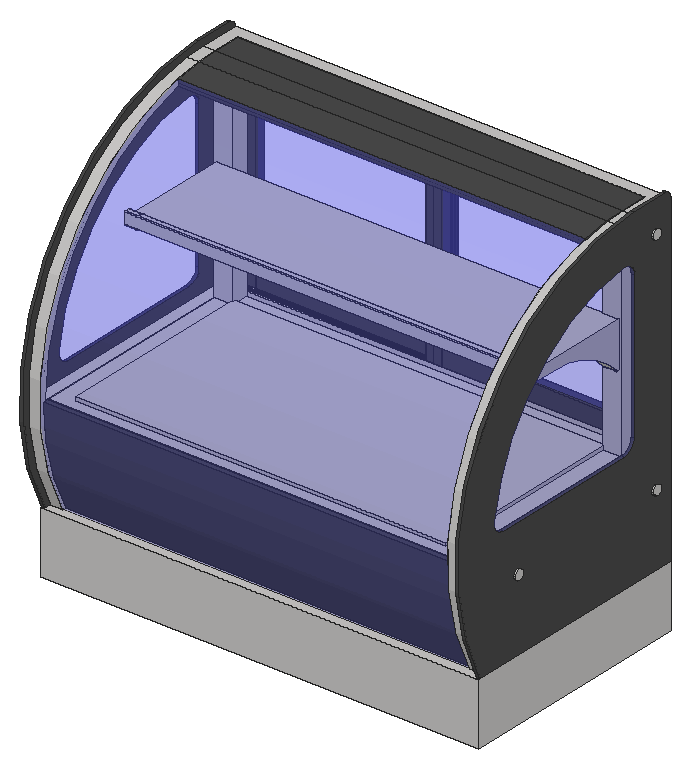
Revit family "Qf_Vollrath_HDC9236_Heated_Display_Case_Curved_Countertop-36 inches_cat", category Specialty Equipment, Revit 2019
Family settings
  Round Connector Dimension = Use Diameter
  Part Type = Normal
  Work Plane-Based = No
  Always vertical = Yes
  Cut with Voids When Loaded = No
  Shared = No
  Room Calculation Point = No
Parameters
  Weight in Pounds = 283.5
  Watts = Volts * FL Amps  # 696 W
  Volts = 120 V
  URL Cutsheet = ""
  Specification by User = ""
  Specification by Manufacturer = ""
  Serial Number = ""
  Seismic Rating = ""
  SMACNA No = ""
  Revision Code = ""
  Phase = 0
  Number of Poles = 1
  NAFEM Spec ID Number = ""
  Model = "HDC9236"
  Min Ckt Ampacity = 0 A
  Max Overcurrent Protection = 0 A
  Masterspec = ""
  Manufacturer = "Vollrath"
  Length = 35.9"
  Item Number = ""
  Installed By = ""
  Identify Quantity as Lot = yes
  Height = 32.0"
  HP = ""
  Furnished By = ""
  Foodservice Equipment Identifier = yes
  FL Amps = 5.8 A
  Electrical Remarks = ""
  Electric Connection Type = ""
  Elec Conn RI Height = 0.0"
  Elec Conn Connection Height = 0.0"
  Description = "Heated Display Case Curved Countertop-36\""
  Depth = 21.5"
  Cycle = 50 Hz
  Conn Plug = "NEMA 5-15P"
  Conn Conduit = yes
  CSI MasterFormat = ""
  Apparent Power = 0 VA
Reference planes (in)
  plane 1 "BACK": y = 0
  plane 2: z = 0
  plane 3 "LEFT": x = 0
  plane 4 "RIGHT": x = 35.9
  plane 5 "FRONT": y = -21.5
  plane 6 "TOP": z = 32
  plane 7 "Center Y": x = 17.95
  plane 8 "Center X": y = -10.75
  plane 9: x = 0.2
  plane 10: x = 0.45
  plane 11: x = 1.45
  plane 12: x = 35.7
  plane 13: x = 35.45
  plane 14: x = 34.45
  plane 15: z = 5
  plane 16: z = 22.08957
  plane 17: z = 30.55413
  plane 18: z = 13.66535
  plane 19: z = 15.3376
  plane 20: x = 2.2
  plane 21: y = -19.4
  plane 22: y = -17.14961
  plane 23: y = -3.20977
  plane 24: z = 29.82972
  plane 25: z = 28.6565
  plane 26: y = -7
Forms (in)
  Extrusion 1, solid, material "QF_Plastic_Black_Smooth"
    sketch origin (0.2, -21.42126, 48) x (0, -1, 0) y (0, 0, 1)
      loop
        line (-21.42126, -43) -> (-2.12853, -43)
        arc (-2.12853, -43) -> (-2.38846, -25.11346) -> (-17.78134, -16) r 18.29374
        line (-17.78134, -16) -> (-20.92126, -16)
        arc (-20.92126, -16) -> (-21.27481, -16.14645) -> (-21.42126, -16.5) r 0.5
        line (-21.42126, -16.5) -> (-21.42126, -43)
      loop
        arc (-17.79626, -32.38281) -> (-17.50337, -33.08992) -> (-16.79626, -33.38281) r 1
        line (-16.79626, -33.38281) -> (-4.56841, -33.38281)
        arc (-4.56841, -33.38281) -> (-3.81404, -33.03926) -> (-3.578, -32.24465) r 1
        arc (-3.578, -32.24465) -> (-7.95104, -23.64903) -> (-16.69233, -19.57498) r 14.79374
        arc (-16.69233, -19.57498) -> (-17.46561, -19.82662) -> (-17.79626, -20.56956) r 1
        line (-17.79626, -20.56956) -> (-17.79626, -32.38281)
    from 0 to -0.25
  Extrusion 2, solid, material "QF_Metal_Stainless_Polished"
    sketch origin (0.2, -21.42126, 48) x (0, -1, 0) y (0, 0, 1)
      loop
        circle (-19.8516, -37.03027) r 0.375
      loop
        circle (-5.88554, -37.03027) r 0.375
      loop
        circle (-19.8516, -18.47074) r 0.375
    from 0 to 0.2
  Extrusion 3, solid, material "QF_Metal_Stainless_Polished"
    sketch origin (0.45, -21.42126, 48.39448) x (0, -1, 0) y (0, 0, 1)
      loop
        line (-21.42126, -39.76948) -> (-20.42126, -39.76948) -> (-20.42126, -43.39448) -> (-2.71443, -43.39448)
        arc (-2.71443, -43.39448) -> (-2.46109, -26.43911) -> (-16.52881, -16.97084) r 17.79374
        arc (-16.52881, -16.97084) -> (-17.32478, -16.91358) -> (-18.12259, -16.89448) r 16.6716
        line (-18.12259, -16.89448) -> (-21.42126, -16.89448) -> (-21.42126, -39.76948)
      loop
        line (-20.92126, -34.72913) -> (-0.93618, -34.72913)
        arc (-0.93618, -34.72913) -> (-5.83712, -22.62102) -> (-17.80828, -17.39448) r 17.29374
        line (-17.80828, -17.39448) -> (-20.92126, -17.39448) -> (-20.92126, -34.72913)
    from 0 to -1
  Extrusion 4, solid, material "QF_Metal_Stainless_Polished"
    sketch origin (1.45, -21.42126, 48.39448) x (0, -1, 0) y (0, 0, 1)
      loop
        line (-20.01969, -34.46605) -> (-19.99213, -34.50992) -> (-19.99213, -34.6435) -> (-20.83465, -34.6435) -> (-20.83465, -34.50992) -> (-20.80709, -34.46605) -> (-20.80709, -34.35609)
        arc (-20.80709, -34.35609) -> (-20.81285, -34.34217) -> (-20.82677, -34.33641) r 0.01969
        line (-20.82677, -34.33641) -> (-20.90551, -34.33641)
        arc (-20.90551, -34.33641) -> (-20.91943, -34.34217) -> (-20.9252, -34.35609) r 0.01969
        line (-20.9252, -34.35609) -> (-20.9252, -34.46605) -> (-20.89764, -34.50992) -> (-20.89764, -34.6435) -> (-21.31102, -34.6435) -> (-21.31102, -34.36003) -> (-21.35827, -34.36003) -> (-21.35827, -34.72913) -> (-19.4685, -34.72913) -> (-19.4685, -34.36003) -> (-19.51575, -34.36003) -> (-19.51575, -34.6435) -> (-19.92913, -34.6435) -> (-19.92913, -34.50992) -> (-19.90157, -34.46605) -> (-19.90157, -34.35609)
        arc (-19.90157, -34.35609) -> (-19.90734, -34.34217) -> (-19.92126, -34.33641) r 0.01969
        line (-19.92126, -34.33641) -> (-20, -34.33641)
        arc (-20, -34.33641) -> (-20.01392, -34.34217) -> (-20.01969, -34.35609) r 0.01969
        line (-20.01969, -34.35609) -> (-20.01969, -34.46605)
    from 0 to -33
  Extrusion 5, solid, material "QF_Metal_Stainless_Polished"
    sketch origin (2.2, -3.37008, 49.48438) x (0, -1, 0) y (0, 0, 1)
      loop
        arc (8.55463, -26.77657) -> (8.65652, -26.76316) -> (8.75148, -26.72383) r 0.3937
        line (8.75148, -26.72383) -> (9.31447, -26.39879)
        arc (9.31447, -26.39879) -> (9.33464, -26.37861) -> (9.34203, -26.35105) r 0.05512
        line (9.34203, -26.35105) -> (9.34203, -25.45374)
        arc (9.34203, -25.45374) -> (9.32588, -25.41477) -> (9.28691, -25.39862) r 0.05512
        line (9.28691, -25.39862) -> (8.9247, -25.39862)
        arc (8.9247, -25.39862) -> (8.88573, -25.41477) -> (8.86959, -25.45374) r 0.05512
        line (8.86959, -25.45374) -> (8.86959, -25.91043)
        arc (8.86959, -25.91043) -> (8.85581, -25.92421) -> (8.84203, -25.91043) r 0.01378
        line (8.84203, -25.91043) -> (0, -25.91043) -> (0, -29.52049)
        arc (0, -29.52049) -> (0.07688, -29.63117) -> (0.20744, -29.59776) r 0.11811
        arc (0.20744, -29.59776) -> (2.98552, -27.51532) -> (6.37795, -26.77657) r 8.15869
        line (6.37795, -26.77657) -> (8.55463, -26.77657)
    from -0.5 to 0.5
  Extrusion 6, solid, material "QF_Plastic_Black_Smooth"
    sketch origin (34.07697, 0, 15.3376) x (0, 1, 0) y (1, 0, 0)
      loop
        line (-0.38189, -15.47047) -> (-0.38189, -15.3878)
        arc (-0.38189, -15.3878) -> (-0.40296, -15.36682) -> (-0.42944, -15.38034) r 0.02532
        arc (-0.42944, -15.38034) -> (-0.55527, -15.45742) -> (-0.6811, -15.38034) r 0.14124
        arc (-0.6811, -15.38034) -> (-0.70758, -15.36682) -> (-0.72866, -15.3878) r 0.02532
        line (-0.72866, -15.3878) -> (-0.72866, -15.47441) -> (-0.79917, -15.47441) -> (-0.82677, -15.55025) -> (-0.82677, -16.24213) -> (-0.96063, -16.19341) -> (-0.96063, -16.84843) -> (-0.14961, -16.84843) -> (-0.14961, -16.24213) -> (-0.34646, -16.24213) -> (-0.34646, -15.65945) -> (-0.16929, -15.65945)
        arc (-0.16929, -15.65945) -> (-0.15537, -15.65368) -> (-0.14961, -15.63976) r 0.01969
        line (-0.14961, -15.63976) -> (-0.14961, -15.49016)
        arc (-0.14961, -15.49016) -> (-0.15537, -15.47624) -> (-0.16929, -15.47047) r 0.01969
        line (-0.16929, -15.47047) -> (-0.38189, -15.47047)
    from 1.58661 to -14.49213
  Extrusion 7, solid, material "QF_Plastic_Black_Smooth"
    sketch origin (34.15041, 0, 15.3376) x (0, 1, 0) y (1, 0, 0)
      loop
        line (-0.38189, -32.59646) -> (-0.16929, -32.59646)
        arc (-0.16929, -32.59646) -> (-0.15537, -32.59069) -> (-0.14961, -32.57677) r 0.01969
        line (-0.14961, -32.57677) -> (-0.14961, -32.42717)
        arc (-0.14961, -32.42717) -> (-0.15537, -32.41325) -> (-0.16929, -32.40748) r 0.01969
        line (-0.16929, -32.40748) -> (-0.34646, -32.40748) -> (-0.34646, -31.8248) -> (-0.14961, -31.8248) -> (-0.14961, -31.2185) -> (-0.96063, -31.2185) -> (-0.96063, -31.87352) -> (-0.82677, -31.8248) -> (-0.82677, -32.51668) -> (-0.79917, -32.59252) -> (-0.72866, -32.59252) -> (-0.72866, -32.67913)
        arc (-0.72866, -32.67913) -> (-0.70758, -32.70011) -> (-0.6811, -32.68659) r 0.02532
        arc (-0.6811, -32.68659) -> (-0.55527, -32.60951) -> (-0.42944, -32.68659) r 0.14124
        arc (-0.42944, -32.68659) -> (-0.40296, -32.70011) -> (-0.38189, -32.67913) r 0.02532
        line (-0.38189, -32.67913) -> (-0.38189, -32.59646)
    from 1.58661 to -14.49213
  Extrusion 8, solid, material "QF_Plastic_Black_Smooth"
    sketch origin (49.81652, -0.90551, 15.3376) x (0, 1, 0) y (1, 0, 0)
      loop
        line (-0.38189, -15.47047) -> (-0.38189, -15.3878)
        arc (-0.38189, -15.3878) -> (-0.40296, -15.36682) -> (-0.42944, -15.38034) r 0.02532
        arc (-0.42944, -15.38034) -> (-0.55527, -15.45742) -> (-0.6811, -15.38034) r 0.14124
        arc (-0.6811, -15.38034) -> (-0.70758, -15.36682) -> (-0.72866, -15.3878) r 0.02532
        line (-0.72866, -15.3878) -> (-0.72866, -15.47441) -> (-0.79917, -15.47441) -> (-0.82677, -15.55025) -> (-0.82677, -16.24213) -> (-0.96063, -16.19341) -> (-0.96063, -16.84843) -> (-0.14961, -16.84843) -> (-0.14961, -16.24213) -> (-0.34646, -16.24213) -> (-0.34646, -15.65945) -> (-0.16929, -15.65945)
        arc (-0.16929, -15.65945) -> (-0.15537, -15.65368) -> (-0.14961, -15.63976) r 0.01969
        line (-0.14961, -15.63976) -> (-0.14961, -15.49016)
        arc (-0.14961, -15.49016) -> (-0.15537, -15.47624) -> (-0.16929, -15.47047) r 0.01969
        line (-0.16929, -15.47047) -> (-0.38189, -15.47047)
    from 1.58661 to -14.49213
  Extrusion 9, solid, material "QF_Plastic_Black_Smooth"
    sketch origin (49.88996, -0.90551, 15.3376) x (0, 1, 0) y (1, 0, 0)
      loop
        line (-0.38189, -32.59646) -> (-0.16929, -32.59646)
        arc (-0.16929, -32.59646) -> (-0.15537, -32.59069) -> (-0.14961, -32.57677) r 0.01969
        line (-0.14961, -32.57677) -> (-0.14961, -32.42717)
        arc (-0.14961, -32.42717) -> (-0.15537, -32.41325) -> (-0.16929, -32.40748) r 0.01969
        line (-0.16929, -32.40748) -> (-0.34646, -32.40748) -> (-0.34646, -31.8248) -> (-0.14961, -31.8248) -> (-0.14961, -31.2185) -> (-0.96063, -31.2185) -> (-0.96063, -31.87352) -> (-0.82677, -31.8248) -> (-0.82677, -32.51668) -> (-0.79917, -32.59252) -> (-0.72866, -32.59252) -> (-0.72866, -32.67913)
        arc (-0.72866, -32.67913) -> (-0.70758, -32.70011) -> (-0.6811, -32.68659) r 0.02532
        arc (-0.6811, -32.68659) -> (-0.55527, -32.60951) -> (-0.42944, -32.68659) r 0.14124
        arc (-0.42944, -32.68659) -> (-0.40296, -32.70011) -> (-0.38189, -32.67913) r 0.02532
        line (-0.38189, -32.67913) -> (-0.38189, -32.59646)
    from 1.58661 to -14.49213
  Extrusion 10, solid, material "QF_Plastic_Black_Smooth"
    sketch origin (32.9799, -1.05512, 15.3376) x (1, 0, 0) y (0, 0, -1)
      loop
        line (-0.01181, -0.08661) -> (-0.01181, 1.58661) -> (-14.30845, 1.58661) -> (-14.30845, -0.08661) -> (-0.01181, -0.08661)
      loop
        line (-0.01181, -13.3189) -> (-14.30845, -13.3189) -> (-14.30845, -14.49213) -> (-0.01181, -14.49213) -> (-0.01181, -13.3189)
    from 0 to -0.81102
  Extrusion 11, solid, material "QF_Plastic_Black_Smooth"
    sketch origin (17.24035, -0.14961, 15.3376) x (1, 0, 0) y (0, 0, -1)
      loop
        line (-0.01181, -0.08661) -> (-0.01181, 1.58661) -> (-14.30845, 1.58661) -> (-14.30845, -0.08661) -> (-0.01181, -0.08661)
      loop
        line (-0.01181, -13.3189) -> (-14.30845, -13.3189) -> (-14.30845, -14.49213) -> (-0.01181, -14.49213) -> (-0.01181, -13.3189)
    from 0 to -0.81102
  Extrusion 12, solid, material "Glass"
    sketch origin (32.96809, -1.05512, 15.42421) x (-1, 0, 0) y (0, -1, 0)
      loop
        line (0, 0.13) -> (14.29664, 0.13) -> (14.29664, 0.69102) -> (0, 0.69102) -> (0, 0.13)
      loop
        line (15.73955, -0.77551) -> (30.03618, -0.77551) -> (30.03618, -0.22449) -> (15.73955, -0.22449) -> (15.73955, -0.77551)
    from 0 to 13.23228
  Extrusion 13, solid, material "QF_Metal_Stainless_Polished"
    sketch origin (0, 0, -5) x (1, 0, 0) y (0, 0, 1)
      loop
        line (34.45, 36.5) -> (1.45, 36.5) -> (1.45, 35.35728) -> (34.45, 35.35728) -> (34.45, 36.5)
    from 0 to 1
  Extrusion 14, solid, material "QF_Metal_Stainless_Polished"
    sketch origin (-51.07972, -0.125, 0) x (1, 0, 0) y (0, 0, 1)
      loop
        line (85.00216, 13.66535) -> (85.52972, 13.66535) -> (85.52972, 30.35728) -> (52.52972, 30.35728) -> (52.52972, 13.66535) -> (53.05728, 13.66535) -> (53.05728, 29.82972) -> (85.00216, 29.82972) -> (85.00216, 13.66535)
    from 0 to 0.125
  Extrusion 15, solid, material "QF_Metal_Stainless_Polished"
    sketch origin (33.31121, 0, 13.66535) x (0, 1, 0) y (1, 0, 0)
      loop
        line (-1.95276, -31.86121) -> (-1.95276, -30.36121) -> (-3.37008, -30.36121) -> (-3.37008, -31.86121) -> (-1.95276, -31.86121)
      loop
        line (-1.95276, 1.13879) -> (-3.37008, 1.13879) -> (-3.37008, -0.36121) -> (-1.95276, -0.36121) -> (-1.95276, 1.13879)
    from 0 to -17.33465
  Extrusion 16, solid, material "QF_Metal_Stainless_Polished"
    sketch origin (33.7, -3.37008, 49.48438) x (0, -1, 0) y (0, 0, -1)
      loop
        line (8.55463, 26.77657) -> (6.37795, 26.77657)
        arc (6.37795, 26.77657) -> (2.98552, 27.51532) -> (0.20744, 29.59776) r 8.15869
        arc (0.20744, 29.59776) -> (0.07688, 29.63117) -> (0, 29.52049) r 0.11811
        line (0, 29.52049) -> (0, 25.91043) -> (8.84203, 25.91043)
        arc (8.84203, 25.91043) -> (8.85581, 25.92421) -> (8.86959, 25.91043) r 0.01378
        line (8.86959, 25.91043) -> (8.86959, 25.45374)
        arc (8.86959, 25.45374) -> (8.88573, 25.41477) -> (8.9247, 25.39862) r 0.05512
        line (8.9247, 25.39862) -> (9.28691, 25.39862)
        arc (9.28691, 25.39862) -> (9.32588, 25.41477) -> (9.34203, 25.45374) r 0.05512
        line (9.34203, 25.45374) -> (9.34203, 26.35105)
        arc (9.34203, 26.35105) -> (9.33464, 26.37861) -> (9.31447, 26.39879) r 0.05512
        line (9.31447, 26.39879) -> (8.75148, 26.72383)
        arc (8.75148, 26.72383) -> (8.65652, 26.76316) -> (8.55463, 26.77657) r 0.3937
    from -0.5 to 0.5
  Extrusion 17, solid, material "QF_Metal_Stainless_Polished"
    sketch origin (2.7, -3.37008, 49.48438) x (0, 1, 0) y (0, 0, 1)
      loop
        line (0, -25.91043) -> (-8.84203, -25.91043)
        arc (-8.84203, -25.91043) -> (-8.85581, -25.92421) -> (-8.86959, -25.91043) r 0.01378
        line (-8.86959, -25.91043) -> (-8.86959, -25.45374)
        arc (-8.86959, -25.45374) -> (-8.88573, -25.41477) -> (-8.9247, -25.39862) r 0.05512
        line (-8.9247, -25.39862) -> (-9.28691, -25.39862)
        arc (-9.28691, -25.39862) -> (-9.32588, -25.41477) -> (-9.34203, -25.45374) r 0.05512
        line (-9.34203, -25.45374) -> (-9.34203, -26.35105) -> (0, -26.35105) -> (0, -25.91043)
    from 0 to 30.5
  Extrusion 18, solid, material "QF_Metal_Stainless_Polished"
    sketch origin (-79.5026, 0, 0) x (1, 0, 0) y (0, 0, 1)
      loop
        line (80.9526, 13.66437) -> (80.9526, 8.625) -> (113.9526, 8.625) -> (113.9526, 13.66437) -> (80.9526, 13.66437)
    from 0 to 3
  Extrusion 19, solid, material "QF_Metal_Stainless_Polished"
    sketch origin (-79.5026, 0, 0) x (1, 0, 0) y (0, 0, 1)
      loop
        line (114.35516, 0) -> (114.35516, 0.70374) -> (80.55004, 0.70374) -> (80.55004, 0) -> (114.35516, 0)
    from 3 to 0.5
  Extrusion 20, solid, material "QF_Metal_Stainless_Polished"
    sketch origin (-79.5026, 0, 0) x (1, 0, 0) y (0, 0, 1)
      loop
        line (114.35516, 0.70374) -> (114.35516, 8.625) -> (113.13862, 8.625) -> (113.13862, 0.70374) -> (114.35516, 0.70374)
    from 3 to 0.5
  Extrusion 21, solid, material "QF_Metal_Stainless_Polished"
    sketch origin (-80.67976, 0, 0) x (1, 0, 0) y (0, 0, 1)
      loop
        line (114.31579, 0.70374) -> (114.31579, 8.625) -> (89.52248, 8.625) -> (89.52248, 0.70374) -> (114.31579, 0.70374)
    from 3 to 0.5
  Extrusion 22, solid, material "QF_Metal_Stainless_Polished"
    sketch origin (-105.47307, 0, 0) x (1, 0, 0) y (0, 0, 1)
      loop
        line (114.31579, 0.70374) -> (114.31579, 8.625) -> (113.41027, 8.625) -> (113.41027, 0.70374) -> (114.31579, 0.70374)
    from 3 to 0.5
  Extrusion 23, solid, material "QF_Metal_Stainless_Polished"
    sketch origin (-106.37858, 0, 0) x (1, 0, 0) y (0, 0, 1)
      loop
        line (114.31579, 0.70374) -> (114.31579, 8.625) -> (108.60712, 8.625) -> (108.60712, 0.70374) -> (114.31579, 0.70374)
    from 3 to 0.5
  Extrusion 24, solid, material "QF_Metal_Stainless_Polished"
    sketch origin (-112.08724, 0, 0) x (1, 0, 0) y (0, 0, 1)
      loop
        line (114.31579, 0.70374) -> (114.31579, 8.625) -> (113.13468, 8.625) -> (113.13468, 0.70374) -> (114.31579, 0.70374)
    from 3 to 0.5
  Extrusion 25, solid, material "QF_Metal_Stainless_Polished"
    sketch origin (-79.5026, 0, 0) x (-1, 0, 0) y (0, 0, 1)
      loop
        line (-81.14413, 11.28248) -> (-84.95201, 11.28248)
        arc (-84.95201, 11.28248) -> (-85.01854, 11.25492) -> (-85.0461, 11.18839) r 0.09409
        line (-85.0461, 11.18839) -> (-85.0461, 8.87657)
        arc (-85.0461, 8.87657) -> (-85.01854, 8.81004) -> (-84.95201, 8.78248) r 0.09409
        line (-84.95201, 8.78248) -> (-81.14413, 8.78248)
        arc (-81.14413, 8.78248) -> (-81.0776, 8.81004) -> (-81.05004, 8.87657) r 0.09409
        line (-81.05004, 8.87657) -> (-81.05004, 11.18839)
        arc (-81.05004, 11.18839) -> (-81.0776, 11.25492) -> (-81.14413, 11.28248) r 0.09409
    from 0 to 0.06
  Extrusion 26, solid, material "QF_Metal_Stainless_Polished"
    sketch origin (0, 0, 0) x (1, 0, 0) y (0, 1, 0)
      loop
        line (35.7, 0) -> (34.85256, 0) -> (34.85256, -3) -> (1.04744, -3) -> (1.04744, 0) -> (0.2, 0) -> (0.2, -19.4) -> (35.7, -19.4) -> (35.7, 0)
    from 0 to 5
  Extrusion 27, solid, material "QF_Metal_Stainless_Polished"
    sketch origin (0, 0, 0) x (1, 0, 0) y (0, 0, 1)
      loop
        line (0.45, 8.625) -> (0.45, 5) -> (1.04744, 5) -> (1.04744, 8.625) -> (0.45, 8.625)
      loop
        line (35.45, 8.625) -> (34.85256, 8.625) -> (34.85256, 5) -> (35.45, 5) -> (35.45, 8.625)
    from 0 to 1
  Extrusion 28, solid, material "QF_Plastic_Black_Smooth"
    sketch origin (7.23536, -0.5, 1.36639) x (0, -0.34076, 0.94015) y (1, 0, 0)
      loop
        line (4.80772, -0.13) -> (0.38, -0.13)
        arc (0.38, -0.13) -> (0.20322, -0.20322) -> (0.13, -0.38) r 0.25
        line (0.13, -0.38) -> (0.13, -3.92346)
        arc (0.13, -3.92346) -> (0.20322, -4.10023) -> (0.38, -4.17346) r 0.25
        line (0.38, -4.17346) -> (4.80772, -4.17346)
        arc (4.80772, -4.17346) -> (4.98449, -4.10023) -> (5.05772, -3.92346) r 0.25
        line (5.05772, -3.92346) -> (5.05772, -0.38)
        arc (5.05772, -0.38) -> (4.98449, -0.20322) -> (4.80772, -0.13) r 0.25
    from 0 to 0.06
  Extrusion 29, solid, material "QF_Plastic_White_Smooth"
    sketch origin (7.23536, -0.44359, 1.38683) x (0, -0.34076, 0.94015) y (1, 0, 0)
      loop
        circle (0.93442, -3.29352) r 0.5
    from 0 to 0.25
  Extrusion 30, solid, material "QF_Plastic_Black_Smooth"
    sketch origin (7.23536, -0.44359, 1.38683) x (0, -0.34076, 0.94015) y (1, 0, 0)
      loop
        arc (4.45141, -0.68195) -> (3.82641, -0.37591) -> (3.20141, -0.68195) r 0.79121
        line (3.20141, -0.68195) -> (3.20141, -3.6215)
        arc (3.20141, -3.6215) -> (3.82641, -3.92755) -> (4.45141, -3.6215) r 0.79121
        line (4.45141, -3.6215) -> (4.45141, -0.68195)
    from 0 to 0.06
  Extrusion 31, solid, material "QF_Plastic_Black_Smooth"
    sketch origin (-75.7526, 0, 0) x (-1, 0, 0) y (0, 0, 1)
      loop
        line (-77.49689, 13.52657) -> (-81.11894, 13.52657)
        arc (-81.11894, 13.52657) -> (-81.25813, 13.46892) -> (-81.31579, 13.32972) r 0.19685
        line (-81.31579, 13.32972) -> (-81.31579, 11.59744)
        arc (-81.31579, 11.59744) -> (-81.25813, 11.45825) -> (-81.11894, 11.40059) r 0.19685
        line (-81.11894, 11.40059) -> (-77.49689, 11.40059)
        arc (-77.49689, 11.40059) -> (-77.35769, 11.45825) -> (-77.30004, 11.59744) r 0.19685
        line (-77.30004, 11.59744) -> (-77.30004, 13.32972)
        arc (-77.30004, 13.32972) -> (-77.35769, 13.46892) -> (-77.49689, 13.52657) r 0.19685
      loop
        line (-81.41421, 8.97933) -> (-81.41421, 11.2628)
        arc (-81.41421, 11.2628) -> (-81.47187, 11.40199) -> (-81.61106, 11.45965) r 0.19685
        line (-81.61106, 11.45965) -> (-84.17012, 11.45965)
        arc (-84.17012, 11.45965) -> (-84.30931, 11.40199) -> (-84.36697, 11.2628) r 0.19685
        line (-84.36697, 11.2628) -> (-84.36697, 8.97933)
        arc (-84.36697, 8.97933) -> (-84.30931, 8.84014) -> (-84.17012, 8.78248) r 0.19685
        line (-84.17012, 8.78248) -> (-81.61106, 8.78248)
        arc (-81.61106, 8.78248) -> (-81.47187, 8.84014) -> (-81.41421, 8.97933) r 0.19685
    from 0 to 0.06
  Extrusion 32, solid, material "QF_Metal_Stainless_Polished"
    sketch origin (1.38012, 0, 13.66437) x (1, 0, 0) y (0, 1, 0)
      loop
        line (1.56988, -3.20977) -> (1.56988, -19.27781) -> (31.56988, -19.27781) -> (31.56988, -3.20977) -> (1.56988, -3.20977)
    from 0 to 0.25
  Extrusion 33, solid, material "Glass"
    sketch origin (1.45, -21.42126, 48.39448) x (0, 1, 0) y (0, 0, 1)
      loop
        line (2.71443, -43.39448) -> (3.00178, -43.39448)
        arc (3.00178, -43.39448) -> (2.18358, -27.59085) -> (14.42126, -17.55774) r 17.54374
        line (14.42126, -17.55774) -> (14.42126, -17.30172)
        arc (14.42126, -17.30172) -> (1.99525, -27.39923) -> (2.71443, -43.39448) r 17.79374
    from 0 to 33
  Extrusion 34, solid, material "Glass"
    sketch origin (0.2, -21.42126, 48) x (0, -1, 0) y (0, 0, 1)
      loop
        arc (-16.69233, -19.57498) -> (-17.46561, -19.82662) -> (-17.79626, -20.56956) r 1
        line (-17.79626, -20.56956) -> (-17.79626, -32.38281)
        arc (-17.79626, -32.38281) -> (-17.50337, -33.08992) -> (-16.79626, -33.38281) r 1
        line (-16.79626, -33.38281) -> (-4.56841, -33.38281)
        arc (-4.56841, -33.38281) -> (-3.81404, -33.03926) -> (-3.578, -32.24465) r 1
        arc (-3.578, -32.24465) -> (-7.95104, -23.64903) -> (-16.69233, -19.57498) r 14.79374
    from 0 to -0.25
  Extrusion 35, solid, material "QF_Plastic_Black_Smooth"
    sketch origin (1.45, -21.42126, 48.39448) x (0, -1, 0) y (0, 0, 1)
      loop
        line (-0.68618, -34.72913) -> (-1.18618, -34.72913)
        arc (-1.18618, -34.72913) -> (-1.80176, -39.22252) -> (-3.58061, -43.39448) r 17.04374
        line (-3.58061, -43.39448) -> (-3.00178, -43.39448)
        arc (-3.00178, -43.39448) -> (-1.28085, -39.21229) -> (-0.68618, -34.72913) r 17.54374
    from 0 to -33
  Extrusion 36, solid, material "QF_Metal_Stainless_Polished"
    sketch origin (1.45, -21.42126, 48.39448) x (0, -1, 0) y (0, 0, 1)
      loop
        line (-18.42126, -34.72913) -> (-18.42126, -43.39448) -> (-3.58061, -43.39448)
        arc (-3.58061, -43.39448) -> (-1.80176, -39.22252) -> (-1.18618, -34.72913) r 17.04374
        line (-1.18618, -34.72913) -> (-18.42126, -34.72913)
    from 0 to -33
  Extrusion 37, solid, material "QF_Plastic_Black_Smooth"
    sketch origin (1.45, -21.42126, 48.39448) x (0, 1, 0) y (0, 0, 1)
      loop
        line (20.42126, -16.89448) -> (18.12259, -16.89448)
        arc (18.12259, -16.89448) -> (17.32478, -16.91358) -> (16.52881, -16.97084) r 16.6716
        arc (16.52881, -16.97084) -> (15.47007, -17.10466) -> (14.42126, -17.30172) r 17.79374
        line (14.42126, -17.30172) -> (14.42126, -17.81394)
        arc (14.42126, -17.81394) -> (16.1044, -17.52045) -> (17.80828, -17.39448) r 17.29374
        line (17.80828, -17.39448) -> (20.42126, -17.39448) -> (20.42126, -16.89448)
    from 0 to 33
  Extrusion 38, solid, material "QF_Plastic_Black_Smooth"
    sketch origin (35.7, -21.42126, 48) x (0, -1, 0) y (0, 0, -1)
      loop
        line (-21.42126, 43) -> (-21.42126, 16.5)
        arc (-21.42126, 16.5) -> (-21.27481, 16.14645) -> (-20.92126, 16) r 0.5
        line (-20.92126, 16) -> (-17.78134, 16)
        arc (-17.78134, 16) -> (-2.38846, 25.11346) -> (-2.12853, 43) r 18.29374
        line (-2.12853, 43) -> (-21.42126, 43)
      loop
        line (-17.79626, 32.38281) -> (-17.79626, 20.56956)
        arc (-17.79626, 20.56956) -> (-17.46561, 19.82662) -> (-16.69233, 19.57498) r 1
        arc (-16.69233, 19.57498) -> (-7.95104, 23.64903) -> (-3.578, 32.24465) r 14.79374
        arc (-3.578, 32.24465) -> (-3.81404, 33.03926) -> (-4.56841, 33.38281) r 1
        line (-4.56841, 33.38281) -> (-16.79626, 33.38281)
        arc (-16.79626, 33.38281) -> (-17.50337, 33.08992) -> (-17.79626, 32.38281) r 1
    from 0 to -0.25
  Extrusion 39, solid, material "QF_Metal_Stainless_Polished"
    sketch origin (35.7, -21.42126, 48) x (0, -1, 0) y (0, 0, -1)
      loop
        circle (-19.8516, 37.03027) r 0.375
      loop
        circle (-5.88554, 37.03027) r 0.375
      loop
        circle (-19.8516, 18.47074) r 0.375
    from 0 to 0.2
  Extrusion 40, solid, material "Glass"
    sketch origin (35.7, -21.42126, 48) x (0, -1, 0) y (0, 0, -1)
      loop
        arc (-16.69233, 19.57498) -> (-7.95104, 23.64903) -> (-3.578, 32.24465) r 14.79374
        arc (-3.578, 32.24465) -> (-3.81404, 33.03926) -> (-4.56841, 33.38281) r 1
        line (-4.56841, 33.38281) -> (-16.79626, 33.38281)
        arc (-16.79626, 33.38281) -> (-17.50337, 33.08992) -> (-17.79626, 32.38281) r 1
        line (-17.79626, 32.38281) -> (-17.79626, 20.56956)
        arc (-17.79626, 20.56956) -> (-17.46561, 19.82662) -> (-16.69233, 19.57498) r 1
    from 0 to -0.25
  Extrusion 41, void
    sketch origin (7.23536, 0, 2.05972) x (0, 0, 1) y (0, -1, 0)
      loop
        line (-0.69333, 0.5) -> (-0.69333, -1.5) -> (5.95167, -1.5) -> (5.95167, 0.5) -> (4.1839, 2.26777) -> (-0.69333, 0.5)
    from 0 to -4.30346
  Extrusion 42, solid, material "QF_Metal_Stainless_Polished"
    sketch origin (35.45, -21.42126, 48.39448) x (0, -1, 0) y (0, 0, -1)
      loop
        line (-21.42126, 39.76948) -> (-21.42126, 16.89448) -> (-18.12259, 16.89448)
        arc (-18.12259, 16.89448) -> (-17.32478, 16.91358) -> (-16.52881, 16.97084) r 16.6716
        arc (-16.52881, 16.97084) -> (-2.46109, 26.43911) -> (-2.71443, 43.39448) r 17.79374
        line (-2.71443, 43.39448) -> (-20.42126, 43.39448) -> (-20.42126, 39.76948) -> (-21.42126, 39.76948)
      loop
        line (-20.92126, 34.72913) -> (-20.92126, 17.39448) -> (-17.80828, 17.39448)
        arc (-17.80828, 17.39448) -> (-5.83712, 22.62102) -> (-0.93618, 34.72913) r 17.29374
        line (-0.93618, 34.72913) -> (-20.92126, 34.72913)
    from 0 to -1
Cuts and joins
  joined: Extrusion 5, Extrusion 16, Extrusion 17
  Extrusion 41 cuts Extrusion 21
  Extrusion 41 cuts Extrusion 22
  Extrusion 41 cuts Extrusion 23
  joined: Extrusion 3, Extrusion 13, Extrusion 42
Lines and regions (in)
  symbolic lines
    curve 1: line (0.2, 0, 0) -> (0.2, -21.50006, 0)
    curve 2: line (35.7, 0, 0) -> (0.2, 0, 0)
    curve 3: line (0.45, -21.50006, 0) -> (0.45, 0, 0)
    curve 4: line (1.45, -20.98514, 0) -> (1.45, -1, 0)
    curve 5: line (1.45, -1, 0) -> (34.45, -1, 0)
    curve 6: line (0.2, -21.50006, 0) -> (0.45, -21.50006, 0)
    curve 7: line (35.45, -20.98514, 0) -> (0.45, -20.98514, 0)
    curve 8: line (1.45, -7, 0) -> (34.45, -7, 0)
    curve 9: line (34.45, -1, 0) -> (34.45, -20.98514, 0)
    curve 10: line (35.45, 0, 0) -> (35.45, -21.50006, 0)
    curve 11: line (35.7, 0, 0) -> (35.7, -21.50006, 0)
    curve 12: line (35.9, -1.19466, 0) -> (35.7, -1.19466, 0)
    curve 13: line (35.9, -1.19466, 0) -> (35.9, -1.94466, 0)
    curve 14: line (35.9, -1.94466, 0) -> (35.7, -1.94466, 0)
    curve 15: line (35.9, -15.16072, 0) -> (35.7, -15.16072, 0)
    curve 16: line (35.9, -15.16072, 0) -> (35.9, -15.91072, 0)
    curve 17: line (35.9, -15.91072, 0) -> (35.7, -15.91072, 0)
    curve 18: line (0, -15.16072, 0) -> (0, -15.91072, 0)
    curve 19: line (0, -15.91072, 0) -> (0.2, -15.91072, 0)
    curve 20: line (0, -15.16072, 0) -> (0.2, -15.16072, 0)
    curve 21: line (0, -1.19466, 0) -> (0, -1.94466, 0)
    curve 22: line (0, -1.94466, 0) -> (0.2, -1.94466, 0)
    curve 23: line (0, -1.19466, 0) -> (0.2, -1.19466, 0)
    curve 24: line (35.7, -21.50006, 0) -> (35.45, -21.50006, 0)
Dimensions and locks (in)
  equal spacing: plane 3 "LEFT", plane 7 "Center Y", plane 4 "RIGHT"
  "Length": plane 3 "LEFT" to plane 4 "RIGHT"
  equal spacing: plane 5 "FRONT", plane 8 "Center X", plane 1 "BACK"
  "Depth": plane 5 "FRONT" to plane 1 "BACK"
  "Height": plane 6 "TOP" to level
  plane 3 "LEFT" to plane 9 = 0.2"
  plane 9 to plane 10 = 0.25"
  plane 15 to plane 2 = 5.0"
  plane 6 "TOP" to plane 2 = 32.0"  (x2)
  plane 5 "FRONT" to plane 1 "BACK" = 21.5"
  plane 1 "BACK" to plane 5 "FRONT" = 21.5"
  plane 1 "BACK" to plane 21 = 19.4"
  plane 26 to plane 1 "BACK" = 7.0"
  aligned and locked: level to plane 2
Automatic sketch dimensions
  Extrusion 1 sketch curve to Extrusion 1 sketch curve = 0.01492"
  Extrusion 1 sketch curve to Extrusion 1 sketch curve = 0.0"  (x2)
  Extrusion 1 sketch curve to plane 1 "BACK" = 0.0"
  Extrusion 1 sketch curve to plane 6 "TOP" = 0.0"
  Extrusion 1 sketch curve to plane 15 = 0.0"
  plane 1 "BACK" to Extrusion 1 sketch curve = 0.5"
  Extrusion 1 sketch curve to plane 23 = 0.01838"
  plane 23 to Extrusion 1 sketch curve = 0.41523"
  plane 23 to Extrusion 1 sketch curve = 0.43015"
  Extrusion 1 sketch curve to plane 19 = 0.27959"  (x2)
  Extrusion 1 sketch curve to Extrusion 1 sketch curve = 1.0"  (x2)
  Extrusion 1 sketch curve to plane 22 = 0.29676"
  Extrusion 1 sketch curve to plane 21 = 0.10727"
  plane 25 to Extrusion 1 sketch curve = 1.22606"
  Extrusion 2 sketch curve to Extrusion 1 = 1.56966"  (x2)
  Extrusion 2 sketch curve to Extrusion 1 = 3.64745"  (x2)
  Extrusion 1 to Extrusion 2 sketch curve = 11.91072"
  Extrusion 2 sketch curve to Extrusion 1 = 2.47074"
  Extrusion 3 sketch curve to Extrusion 3 sketch curve = 0.0"  (x2)
  Extrusion 3 sketch curve to plane 1 "BACK" = 0.0"
  plane 18 to Extrusion 3 sketch curve = 0.0"
  Extrusion 3 sketch curve to plane 15 = 0.0"
  plane 1 "BACK" to Extrusion 3 sketch curve = 0.5"
  Extrusion 3 sketch curve to Extrusion 3 sketch curve = 1.0"
  Extrusion 3 sketch curve to plane 23 = 0.01838"
  plane 23 to Extrusion 3 sketch curve = 0.0889"
  plane 23 to Extrusion 3 sketch curve = 0.40321"
  Extrusion 3 sketch curve to plane 21 = 0.69317"
  Extrusion 3 sketch curve to plane 5 "FRONT" = 1.01492"
  plane 15 to Extrusion 3 sketch curve = 3.625"
  Extrusion 3 sketch curve to plane 18 = 0.04604"
  Extrusion 3 sketch curve to Extrusion 3 sketch curve = 1.117"
  Extrusion 3 sketch curve to plane 6 "TOP" = 0.5"
  plane 18 to Extrusion 4 sketch curve = 0.0"
  plane 1 "BACK" to Extrusion 4 sketch curve = 0.06299"
  Extrusion 4 sketch curve to Extrusion 4 sketch curve = 0.04724"  (x2)
  Extrusion 4 sketch curve to Extrusion 4 sketch curve = 0.38583"
  Extrusion 4 sketch curve to Extrusion 4 sketch curve = 0.01969"  (x2)
  Extrusion 4 sketch curve to Extrusion 4 sketch curve = 0.02756"  (x4)
  Extrusion 4 sketch curve to Extrusion 4 sketch curve = 0.06299"  (x2)
  Extrusion 4 sketch curve to Extrusion 4 sketch curve = 0.07874"  (x2)
  Extrusion 4 sketch curve to plane 18 = 0.26308"  (x2)
  Extrusion 4 sketch curve to plane 18 = 0.37303"
  Extrusion 4 sketch curve to Extrusion 4 sketch curve = 0.7874"
  Extrusion 4 sketch curve to plane 18 = 0.08563"  (x3)
  Extrusion 4 sketch curve to plane 18 = 0.21921"
  Extrusion 4 sketch curve to Extrusion 4 sketch curve = 0.41339"
  Extrusion 4 sketch curve to Extrusion 4 sketch curve = 0.0"  (x2)
  Extrusion 4 sketch curve to Extrusion 4 sketch curve = 0.04387"  (x3)
  Extrusion 4 sketch curve to Extrusion 4 sketch curve = 0.28346"  (x2)
  Extrusion 4 sketch curve to Extrusion 4 sketch curve = 0.10996"
  plane 23 to Extrusion 5 sketch curve = 0.1603"
  Extrusion 5 sketch curve to Extrusion 5 sketch curve = 0.11811"
  plane 8 "Center X" to Extrusion 5 sketch curve = 1.00197"
  Extrusion 5 sketch curve to plane 16 = 0.61823"
  Extrusion 5 sketch curve to plane 8 "Center X" = 1.1747"
  Extrusion 5 sketch curve to plane 16 = 0.67098"
  Extrusion 5 sketch curve to Extrusion 5 sketch curve = 0.19685"
  Extrusion 5 sketch curve to Extrusion 5 sketch curve = 0.2874"
  Extrusion 5 sketch curve to Extrusion 5 sketch curve = 0.01378"
  Extrusion 5 sketch curve to Extrusion 5 sketch curve = 0.05512"  (x2)
  Extrusion 5 sketch curve to Extrusion 5 sketch curve = 0.3622"
  Extrusion 5 sketch curve to Extrusion 5 sketch curve = 0.41732"
  Extrusion 5 sketch curve to Extrusion 5 sketch curve = 0.02756"
  plane 16 to Extrusion 5 sketch curve = 2.12568"
  plane 19 to Extrusion 5 sketch curve = 0.78849"
  Extrusion 5 sketch curve to Extrusion 5 sketch curve = 0.32504"
  Extrusion 5 sketch curve to plane 16 = 1.48438"
  Extrusion 5 sketch curve to Extrusion 5 sketch curve = 0.45669"
  Extrusion 6 sketch curve to plane 7 "Center Y" = 0.06644"
  plane 1 "BACK" to Extrusion 6 sketch curve = 0.96063"
  Extrusion 6 sketch curve to plane 7 "Center Y" = 0.11516"  (x2)
  Extrusion 6 sketch curve to Extrusion 6 sketch curve = 0.13386"
  Extrusion 6 sketch curve to Extrusion 6 sketch curve = 0.0276"
  Extrusion 6 sketch curve to Extrusion 6 sketch curve = 0.07051"
  Extrusion 6 sketch curve to Extrusion 6 sketch curve = 0.025"  (x2)
  Extrusion 6 sketch curve to Extrusion 6 sketch curve = 0.14839"  (x2)
  Extrusion 6 sketch curve to Extrusion 6 sketch curve = 0.03543"
  plane 1 "BACK" to Extrusion 6 sketch curve = 0.16929"
  Extrusion 6 sketch curve to Extrusion 6 sketch curve = 0.0"  (x2)
  plane 1 "BACK" to Extrusion 6 sketch curve = 0.14961"
  Extrusion 6 sketch curve to Extrusion 6 sketch curve = 0.01969"
  plane 7 "Center Y" to Extrusion 6 sketch curve = 0.46752"
  Extrusion 6 sketch curve to Extrusion 6 sketch curve = 0.1092"
  Extrusion 6 sketch curve to Extrusion 6 sketch curve = 0.14961"
  Extrusion 6 sketch curve to Extrusion 6 sketch curve = 0.07584"
  Extrusion 6 sketch curve to Extrusion 6 sketch curve = 0.07863"
  Extrusion 6 sketch curve to Extrusion 6 sketch curve = 0.08257"
  Extrusion 6 sketch curve to Extrusion 6 sketch curve = 0.00404"  (x2)
  Extrusion 6 sketch curve to Extrusion 6 sketch curve = 0.07566"
  Extrusion 6 sketch curve to Extrusion 6 sketch curve = 0.6063"
  Extrusion 7 sketch curve to plane 20 = 0.07689"
  plane 1 "BACK" to Extrusion 7 sketch curve = 0.96063"
  Extrusion 7 sketch curve to plane 20 = 0.12561"  (x2)
  Extrusion 7 sketch curve to Extrusion 7 sketch curve = 0.13386"
  Extrusion 7 sketch curve to Extrusion 7 sketch curve = 0.0276"
  Extrusion 7 sketch curve to Extrusion 7 sketch curve = 0.07051"
  Extrusion 7 sketch curve to Extrusion 7 sketch curve = 0.025"  (x2)
  plane 11 to Extrusion 7 sketch curve = 0.05034"
  Extrusion 7 sketch curve to Extrusion 7 sketch curve = 0.14839"  (x2)
  Extrusion 7 sketch curve to plane 11 = 0.02532"  (x2)
  Extrusion 7 sketch curve to Extrusion 7 sketch curve = 0.03543"
  plane 1 "BACK" to Extrusion 7 sketch curve = 0.16929"
  Extrusion 7 sketch curve to Extrusion 7 sketch curve = 0.0"  (x2)
  plane 1 "BACK" to Extrusion 7 sketch curve = 0.14961"
  Extrusion 7 sketch curve to Extrusion 7 sketch curve = 0.01969"
  Extrusion 7 sketch curve to Extrusion 7 sketch curve = 0.6063"
  Extrusion 7 sketch curve to Extrusion 7 sketch curve = 0.26761"
  Extrusion 7 sketch curve to plane 11 = 0.18373"
  Extrusion 7 sketch curve to plane 11 = 0.12364"
  Extrusion 7 sketch curve to plane 11 = 0.10789"
  Extrusion 7 sketch curve to plane 11 = 0.02128"  (x2)
  Extrusion 8 sketch curve to plane 23 = 1.34363"
  Extrusion 8 sketch curve to Extrusion 8 sketch curve = 0.13386"
  Extrusion 8 sketch curve to Extrusion 8 sketch curve = 0.0276"
  Extrusion 8 sketch curve to Extrusion 8 sketch curve = 0.07051"
  Extrusion 8 sketch curve to Extrusion 8 sketch curve = 0.025"  (x2)
  plane 14 to Extrusion 8 sketch curve = 0.05034"
  Extrusion 8 sketch curve to Extrusion 8 sketch curve = 0.14839"  (x2)
  Extrusion 8 sketch curve to plane 14 = 0.02532"  (x2)
  Extrusion 8 sketch curve to Extrusion 8 sketch curve = 0.03543"
  Extrusion 8 sketch curve to Extrusion 8 sketch curve = 0.2126"
  Extrusion 8 sketch curve to Extrusion 8 sketch curve = 0.0"  (x2)
  Extrusion 8 sketch curve to Extrusion 8 sketch curve = 0.19685"
  Extrusion 8 sketch curve to Extrusion 8 sketch curve = 0.01969"
  Extrusion 8 sketch curve to plane 14 = 0.02128"  (x2)
  Extrusion 8 sketch curve to plane 14 = 0.10395"
  Extrusion 8 sketch curve to plane 14 = 0.10789"
  Extrusion 8 sketch curve to Extrusion 8 sketch curve = 0.07584"
  Extrusion 8 sketch curve to Extrusion 8 sketch curve = 0.14961"
  Extrusion 8 sketch curve to Extrusion 8 sketch curve = 0.64316"
  Extrusion 8 sketch curve to Extrusion 8 sketch curve = 0.58268"
  Extrusion 8 sketch curve to Extrusion 8 sketch curve = 0.04872"
  Extrusion 8 sketch curve to Extrusion 8 sketch curve = 0.6063"
  plane 7 "Center Y" to Extrusion 9 sketch curve = 0.06644"
  Extrusion 9 sketch curve to plane 23 = 1.34363"
  plane 7 "Center Y" to Extrusion 9 sketch curve = 0.11516"  (x2)
  Extrusion 9 sketch curve to Extrusion 9 sketch curve = 0.13386"
  Extrusion 9 sketch curve to Extrusion 9 sketch curve = 0.0276"
  Extrusion 9 sketch curve to Extrusion 9 sketch curve = 0.07051"
  Extrusion 9 sketch curve to Extrusion 9 sketch curve = 0.025"  (x2)
  Extrusion 9 sketch curve to Extrusion 9 sketch curve = 0.14839"  (x2)
  Extrusion 9 sketch curve to Extrusion 9 sketch curve = 0.03543"
  Extrusion 9 sketch curve to Extrusion 9 sketch curve = 0.2126"
  Extrusion 9 sketch curve to Extrusion 9 sketch curve = 0.0"  (x2)
  Extrusion 9 sketch curve to Extrusion 9 sketch curve = 0.19685"
  Extrusion 9 sketch curve to Extrusion 9 sketch curve = 0.01969"
  Extrusion 9 sketch curve to Extrusion 9 sketch curve = 0.6063"
  Extrusion 9 sketch curve to plane 7 "Center Y" = 0.46752"
  Extrusion 9 sketch curve to Extrusion 9 sketch curve = 0.1092"
  Extrusion 9 sketch curve to Extrusion 9 sketch curve = 0.14961"
  Extrusion 9 sketch curve to Extrusion 9 sketch curve = 0.07584"
  Extrusion 9 sketch curve to Extrusion 9 sketch curve = 0.08257"
  Extrusion 9 sketch curve to Extrusion 9 sketch curve = 0.07863"
  Extrusion 9 sketch curve to Extrusion 9 sketch curve = 0.00404"  (x2)
  Extrusion 9 sketch curve to Extrusion 9 sketch curve = 0.07566"
  Extrusion 10 sketch curve to Extrusion 8 = 0.0"  (x3)
  Extrusion 8 to Extrusion 10 sketch curve = 0.0"
  Extrusion 8 to Extrusion 10 sketch curve = 1.17323"
  Extrusion 10 sketch curve to Extrusion 10 sketch curve = 14.29664"
  Extrusion 8 to Extrusion 10 sketch curve = 14.29664"
  Extrusion 8 to Extrusion 10 sketch curve = 1.67323"
  Extrusion 11 sketch curve to plane 24 = 0.0"
  Extrusion 11 sketch curve to plane 25 = 0.0"
  Extrusion 11 sketch curve to plane 20 = 0.73191"  (x2)
  Extrusion 11 sketch curve to plane 19 = 0.08661"
  Extrusion 11 sketch curve to plane 7 "Center Y" = 0.72146"  (x2)
  Extrusion 11 sketch curve to plane 18 = 0.08563"
  Extrusion 12 sketch curve to Extrusion 10 = 0.0"  (x2)
  Extrusion 10 to Extrusion 12 sketch curve = 1.44291"
  Extrusion 12 sketch curve to Extrusion 10 = 0.22449"
  Extrusion 12 sketch curve to Extrusion 12 sketch curve = 14.29664"
  Extrusion 12 sketch curve to Extrusion 12 sketch curve = 0.55102"
  Extrusion 10 to Extrusion 12 sketch curve = 0.13"
  Extrusion 10 to Extrusion 12 sketch curve = 0.12"
  plane 11 to Extrusion 13 sketch curve = 0.0"
  Extrusion 13 sketch curve to plane 14 = 0.0"
  plane 17 to Extrusion 13 sketch curve = 0.19685"
  Extrusion 13 sketch curve to plane 6 "TOP" = 0.5"
  plane 11 to Extrusion 14 sketch curve = 0.0"
  Extrusion 14 sketch curve to plane 24 = 0.0"
  Extrusion 14 sketch curve to plane 18 = 0.0"  (x2)
  Extrusion 14 sketch curve to plane 14 = 0.0"
  plane 20 to Extrusion 14 sketch curve = 0.22244"
  Extrusion 14 sketch curve to plane 14 = 0.52756"
  plane 17 to Extrusion 14 sketch curve = 0.19685"
  Extrusion 15 sketch curve to plane 11 = 0.0"
  Extrusion 15 sketch curve to plane 14 = 0.0"
  plane 23 to Extrusion 15 sketch curve = 0.1603"  (x2)
  Extrusion 15 sketch curve to plane 23 = 1.25702"  (x2)
  Extrusion 15 sketch curve to Extrusion 15 sketch curve = 1.5"
  Extrusion 15 sketch curve to plane 20 = 0.75"
  plane 23 to Extrusion 16 sketch curve = 0.1603"
  Extrusion 16 sketch curve to Extrusion 16 sketch curve = 0.11811"
  plane 8 "Center X" to Extrusion 16 sketch curve = 1.00197"
  Extrusion 16 sketch curve to plane 16 = 0.61823"
  Extrusion 16 sketch curve to plane 8 "Center X" = 1.1747"
  Extrusion 16 sketch curve to plane 16 = 0.67098"
  Extrusion 16 sketch curve to Extrusion 16 sketch curve = 0.19685"
  Extrusion 16 sketch curve to Extrusion 16 sketch curve = 0.2874"
  Extrusion 16 sketch curve to Extrusion 16 sketch curve = 0.01378"
  Extrusion 16 sketch curve to Extrusion 16 sketch curve = 0.05512"  (x2)
  Extrusion 16 sketch curve to Extrusion 16 sketch curve = 0.3622"
  Extrusion 16 sketch curve to Extrusion 16 sketch curve = 0.41732"
  Extrusion 16 sketch curve to Extrusion 16 sketch curve = 0.02756"
  Extrusion 16 sketch curve to Extrusion 16 sketch curve = 0.37278"
  Extrusion 16 sketch curve to plane 16 = 1.48438"
  Extrusion 16 sketch curve to Extrusion 16 sketch curve = 0.45669"
  plane 16 to Extrusion 16 sketch curve = 2.12568"
  plane 19 to Extrusion 16 sketch curve = 0.78849"
  Extrusion 17 sketch curve to Extrusion 5 = 0.0"
  Extrusion 17 sketch curve to Extrusion 5 = 0.05512"
  Extrusion 17 sketch curve to Extrusion 5 = 0.42552"
  plane 11 to Extrusion 18 sketch curve = 0.0"
  Extrusion 18 sketch curve to plane 14 = 0.0"
  plane 15 to Extrusion 18 sketch curve = 3.625"
  plane 18 to Extrusion 18 sketch curve = 0.00098"
  Extrusion 19 sketch curve to level = 0.0"
  plane 11 to Extrusion 19 sketch curve = 0.40256"
  plane 14 to Extrusion 19 sketch curve = 0.40256"
  Extrusion 19 sketch curve to Extrusion 19 sketch curve = 0.70374"
  Extrusion 20 sketch curve to plane 14 = 0.81398"
  plane 14 to Extrusion 20 sketch curve = 0.40256"
  level to Extrusion 20 sketch curve = 0.70374"
  plane 15 to Extrusion 20 sketch curve = 3.625"
  level to Extrusion 21 sketch curve = 0.70374"
  Extrusion 21 sketch curve to plane 20 = 6.64272"
  Extrusion 21 sketch curve to plane 14 = 0.81398"
  plane 15 to Extrusion 21 sketch curve = 3.625"
  level to Extrusion 22 sketch curve = 0.70374"
  Extrusion 22 sketch curve to plane 20 = 5.7372"
  Extrusion 22 sketch curve to Extrusion 22 sketch curve = 0.90551"
  plane 15 to Extrusion 22 sketch curve = 3.625"
  Extrusion 23 sketch curve to plane 20 = 0.02854"
  Extrusion 23 sketch curve to Extrusion 23 sketch curve = 5.70866"
  level to Extrusion 23 sketch curve = 0.70374"
  plane 15 to Extrusion 23 sketch curve = 3.625"
  plane 11 to Extrusion 24 sketch curve = 0.40256"
  Extrusion 24 sketch curve to plane 20 = 0.02854"
  level to Extrusion 24 sketch curve = 0.70374"
  plane 15 to Extrusion 24 sketch curve = 3.625"
  Extrusion 25 sketch curve to Extrusion 18 = 4.0935"
  Extrusion 25 sketch curve to Extrusion 25 sketch curve = 0.09409"  (x3)
  Extrusion 25 sketch curve to Extrusion 18 = 0.19154"  (x2)
  Extrusion 25 sketch curve to Extrusion 18 = 0.15748"
  Extrusion 25 sketch curve to Extrusion 25 sketch curve = 2.31181"
  Extrusion 26 sketch curve to plane 9 = 0.0"
  plane 1 "BACK" to Extrusion 26 sketch curve = 0.0"  (x2)
  Extrusion 26 sketch curve to plane 12 = 0.0"
  plane 21 to Extrusion 26 sketch curve = 0.0"
  plane 11 to Extrusion 26 sketch curve = 0.40256"
  plane 14 to Extrusion 26 sketch curve = 0.40256"
  Extrusion 26 sketch curve to plane 23 = 0.20977"
  plane 10 to Extrusion 27 sketch curve = 0.0"
  Extrusion 27 sketch curve to plane 15 = 0.0"  (x2)
  Extrusion 27 sketch curve to plane 13 = 0.0"
  plane 11 to Extrusion 27 sketch curve = 0.40256"
  plane 14 to Extrusion 27 sketch curve = 0.40256"
  plane 15 to Extrusion 27 sketch curve = 3.625"  (x2)
  Extrusion 28 sketch curve to plane 20 = 1.11191"  (x2)
  Extrusion 28 sketch curve to Extrusion 28 sketch curve = 0.25"  (x3)
  Extrusion 28 sketch curve to Extrusion 28 sketch curve = 4.42772"
  Extrusion 28 sketch curve to Extrusion 28 sketch curve = 3.54346"
  Extrusion 29 sketch curve to Extrusion 28 = 0.80442"
  Extrusion 29 sketch curve to Extrusion 28 = 0.87993"
  Extrusion 30 sketch curve to Extrusion 28 = 0.55195"  (x2)
  Extrusion 30 sketch curve to Extrusion 28 = 1.85631"
  Extrusion 30 sketch curve to Extrusion 30 sketch curve = 0.625"  (x2)
  Extrusion 30 sketch curve to Extrusion 28 = 0.60631"
  Extrusion 30 sketch curve to Extrusion 30 sketch curve = 0.48516"
  Extrusion 30 sketch curve to Extrusion 28 = 1.03712"
  Extrusion 31 sketch curve to Extrusion 18 = 0.35433"
  Extrusion 31 sketch curve to Extrusion 18 = 7.16437"
  Extrusion 31 sketch curve to Extrusion 31 sketch curve = 0.19685"  (x3)
  Extrusion 31 sketch curve to Extrusion 18 = 0.15748"
  Extrusion 31 sketch curve to Extrusion 31 sketch curve = 2.55906"
  Extrusion 31 sketch curve to Extrusion 31 sketch curve = 0.0"
  Extrusion 31 sketch curve to Extrusion 18 = 0.33465"
  Extrusion 31 sketch curve to Extrusion 31 sketch curve = 0.29528"
  Extrusion 31 sketch curve to Extrusion 18 = 0.1378"
  Extrusion 31 sketch curve to Extrusion 18 = 0.29429"  (x2)
  Extrusion 31 sketch curve to Extrusion 18 = 0.09744"
  Extrusion 31 sketch curve to Extrusion 31 sketch curve = 2.28346"
  Extrusion 31 sketch curve to Extrusion 31 sketch curve = 1.92913"
  Extrusion 32 sketch curve to Extrusion 18 = 1.5"  (x2)
  Extrusion 32 sketch curve to Extrusion 18 = 0.20977"
  Extrusion 32 sketch curve to Extrusion 32 sketch curve = 16.06803"
  Extrusion 33 sketch curve to Extrusion 3 = 0.0"
  Extrusion 3 to Extrusion 33 sketch curve = 0.16326"
  Extrusion 1 to Extrusion 34 sketch curve = 1.0"
  Extrusion 35 sketch curve to Extrusion 33 = 0.0"
  Extrusion 35 sketch curve to Extrusion 33 = 8.66535"
  Extrusion 36 sketch curve to Extrusion 33 = 0.0"
  Extrusion 36 sketch curve to Extrusion 36 sketch curve = 0.1914"
  Extrusion 36 sketch curve to Extrusion 33 = 8.66535"
  Extrusion 37 sketch curve to Extrusion 3 = 0.0"  (x2)
  Extrusion 37 sketch curve to Extrusion 3 = 0.09276"
  Extrusion 38 sketch curve to Extrusion 38 sketch curve = 0.01492"
  Extrusion 38 sketch curve to Extrusion 38 sketch curve = 0.0"  (x2)
  Extrusion 38 sketch curve to plane 1 "BACK" = 0.0"
  Extrusion 38 sketch curve to plane 6 "TOP" = 0.0"
  Extrusion 38 sketch curve to plane 15 = 0.0"
  plane 1 "BACK" to Extrusion 38 sketch curve = 0.5"
  Extrusion 38 sketch curve to plane 23 = 0.01838"
  plane 23 to Extrusion 38 sketch curve = 0.41523"
  plane 23 to Extrusion 38 sketch curve = 0.43015"
  Extrusion 38 sketch curve to plane 19 = 0.27959"  (x2)
  Extrusion 38 sketch curve to Extrusion 38 sketch curve = 1.0"  (x2)
  Extrusion 38 sketch curve to plane 22 = 0.29676"
  Extrusion 38 sketch curve to plane 21 = 0.10727"
  plane 25 to Extrusion 38 sketch curve = 1.22606"
  Extrusion 39 sketch curve to Extrusion 38 = 1.56966"  (x2)
  Extrusion 39 sketch curve to Extrusion 38 = 3.64745"  (x2)
  Extrusion 38 to Extrusion 39 sketch curve = 11.91072"
  Extrusion 39 sketch curve to Extrusion 38 = 2.47074"
  Extrusion 40 sketch curve to plane 23 = 0.01838"
  plane 23 to Extrusion 40 sketch curve = 0.41523"
  Extrusion 40 sketch curve to Extrusion 40 sketch curve = 1.0"  (x2)
  plane 19 to Extrusion 40 sketch curve = 0.72041"
  Extrusion 40 sketch curve to plane 22 = 0.29676"
  Extrusion 40 sketch curve to plane 19 = 0.27959"
  plane 25 to Extrusion 40 sketch curve = 1.22606"
  Extrusion 40 sketch curve to plane 18 = 0.04604"
  Extrusion 40 sketch curve to Extrusion 40 sketch curve = 0.0"
  plane 1 "BACK" to Extrusion 41 sketch curve = 0.5"  (x2)
  level to Extrusion 41 sketch curve = 1.36639"
  plane 15 to Extrusion 41 sketch curve = 1.24362"
  Extrusion 41 sketch curve to plane 1 "BACK" = 1.5"
  plane 15 to Extrusion 41 sketch curve = 3.01139"
  Extrusion 41 sketch curve to plane 23 = 0.94201"
  Extrusion 42 sketch curve to Extrusion 42 sketch curve = 0.0"  (x2)
  Extrusion 42 sketch curve to plane 1 "BACK" = 0.0"
  plane 18 to Extrusion 42 sketch curve = 0.0"
  Extrusion 42 sketch curve to plane 15 = 0.0"
  plane 1 "BACK" to Extrusion 42 sketch curve = 0.5"
  Extrusion 42 sketch curve to Extrusion 42 sketch curve = 1.0"
  Extrusion 42 sketch curve to plane 23 = 0.01838"
  plane 23 to Extrusion 42 sketch curve = 0.0889"
  plane 23 to Extrusion 42 sketch curve = 0.40321"
  Extrusion 42 sketch curve to plane 21 = 0.69317"
  Extrusion 42 sketch curve to plane 5 "FRONT" = 1.01492"
  Extrusion 42 sketch curve to plane 18 = 0.04604"
  Extrusion 42 sketch curve to Extrusion 42 sketch curve = 1.117"
  Extrusion 42 sketch curve to plane 6 "TOP" = 0.5"
  Extrusion 42 sketch curve to Extrusion 42 sketch curve = 3.625"
  curve 18 to plane 3 "LEFT" = 0.0"
  curve 22 to plane 3 "LEFT" = 0.0"
  plane 1 "BACK" to curve 2 = 0.0"
  curve 2 to plane 9 = 0.0"
  curve 7 to plane 10 = 0.0"
  curve 8 to plane 11 = 0.0"
  curve 5 to plane 14 = 0.0"
  curve 24 to plane 13 = 0.0"
  curve 17 to plane 12 = 0.0"
  curve 15 to plane 4 "RIGHT" = 0.0"
  curve 12 to plane 4 "RIGHT" = 0.0"
  curve 8 to plane 26 = 0.0"
  curve 20 to plane 22 = 1.98888"
  curve 15 to plane 22 = 1.98888"
  curve 19 to curve 18 = 0.75"
  curve 16 to curve 15 = 0.75"
  plane 5 "FRONT" to curve 6 = 0.00006"
  curve 14 to plane 23 = 1.26511"
  curve 22 to plane 23 = 1.26511"
  curve 13 to curve 12 = 0.75"
  curve 21 to curve 23 = 0.75"
  plane 1 "BACK" to curve 5 = 1.0"
  curve 4 to plane 5 "FRONT" = 0.51486"
  plane 5 "FRONT" to curve 10 = 0.00006"
  radius of Extrusion 2 sketch curve = 0.375"  (x3)
  radius of Extrusion 17 sketch curve to Extrusion 5 = 0.0"  (x2)
  radius of Extrusion 29 sketch curve = 0.5"
  radius of Extrusion 33 sketch curve to Extrusion 3 = 0.0"
  radius of Extrusion 33 sketch curve to Extrusion 3 = 0.25"
  radius of Extrusion 34 sketch curve to Extrusion 1 = 0.0"  (x3)
  radius of Extrusion 35 sketch curve to Extrusion 33 = 0.0"
  radius of Extrusion 35 sketch curve to Extrusion 33 = 0.5"
  radius of Extrusion 36 sketch curve to Extrusion 33 = 0.5"
  radius of Extrusion 37 sketch curve to Extrusion 3 = 0.0"  (x3)
  radius of Extrusion 39 sketch curve = 0.375"  (x3)
Connectors (in)
  electrical at (3.94184, -0.52697, 2.35052), driven by "Volts", driven by "Watts"
    settings: on Extrusion 29, index 1, voltage 120 V, apparent load 696 VA, apparent load phase1 0 VA, apparent load phase2 0 VA, apparent load phase3 0 VA, power factor 1, load classification "Other", number of poles 1, system type 30, power factor state 1, is connector primary yes, connector utility no, sub classification motor no, connector description "Electrical Connection"
